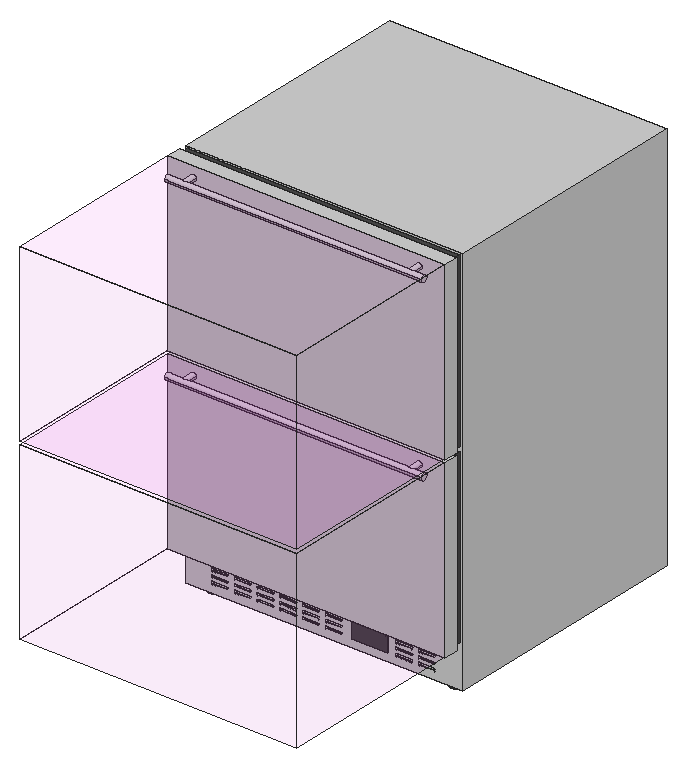
Revit family "Qf_Summit_SCFF532D_24 inches Wide 2-Drawer All-Freezer", category Specialty Equipment, Revit 2020
Family settings
  Round Connector Dimension = Use Diameter
  Part Type = Normal
  Work Plane-Based = No
  Always vertical = Yes
  Cut with Voids When Loaded = No
  Shared = No
  Room Calculation Point = No
Parameters
  Weight in Pounds = 106
  Watts = 0 W
  Volts = 115 V
  URL Cutsheet = ""
  Specification by User = ""
  Specification by Manufacturer = ""
  Show Clearance [instance] = yes
  Serial Number = ""
  Seismic Rating = ""
  SMACNA No = ""
  Revision Code = ""
  Phase = 1
  Number of Poles = 1
  NAFEM Spec ID Number = ""
  Model = "SCFF532D"
  Min Ckt Ampacity = 0 A
  Max Overcurrent Protection = 0 A
  Masterspec = ""
  Manufacturer = "Summit"
  Length = 23 5/8"
  Item Number = ""
  Installed By = ""
  Identify Quantity as Lot = yes
  Height = 34"
  HP = ""
  Furnished By = ""
  Foodservice Equipment Identifier = yes
  FL Amps = 0.8 A
  Electrical Remarks = ""
  Electric Connection Type = ""
  Elec Conn RI Height = 0"
  Elec Conn Connection Height = 0"
  Description = "24\" Wide 2-Drawer All-Freezer"
  Depth = 23 5/8"
  Default Elevation = 0"
  Cycle = 60 Hz
  Conn Plug = ""
  Conn Conduit = yes
  CSI MasterFormat = ""
  Apparent Power = if(Phase = 3, Volts * FL Amps * 1.73, Volts * FL Amps)  # 92 VA
Reference planes (in)
  plane 1: z = 0
  plane 2 "LEFT": x = 0
  plane 3 "RIGHT": x = 23.625
  plane 4 "FRONT": y = -24.375
  plane 5 "TOP": z = 34
  plane 6 "Center Y": x = 11.8125
  plane 7 "Center X": y = -12.5625
  plane 8 "BACK": y = -0.75
  plane 9: y = -40.125
  plane 10: y = -38.875
  plane 11: y = -22.5
  plane 12: y = -25.75
  plane 13: y = -25.25
  plane 14: y = -25.75
  plane 15: y = -25.25
  plane 16: y = -25.75
  plane 17: x = 20.625
  plane 18: z = 0.75
  plane 19: z = 4
Forms (in)
  Extrusion 1, solid, material "QF_Metal - Stainless - Polished"
    sketch origin (22.25, -2.96287, 36.42187) x (0, 1, 0) y (-1, 0, 0)
      loop
        line (2.21287, 22.25) -> (-19.53713, 22.25) -> (-19.53713, -1.375) -> (2.21287, -1.375) -> (2.21287, 22.25)
    from -35.79687 to -2.42187
  Extrusion 2, solid, material "QF_Plastic - Black - Matte"
    sketch origin (22.25, -2.96287, 36.42187) x (0, 1, 0) y (-1, 0, 0)
      loop
        line (-19.53713, 22) -> (-20.13573, 22) -> (-20.13573, -1.125) -> (-19.53713, -1.125) -> (-19.53713, 22)
    from -17.19827 to -2.54949
  Extrusion 3, solid, material "QF_Clearances_Door_Drawer"
    sketch origin (22.3755, -2.96287, 34) x (0, 1, 0) y (-1, 0, 0)
      loop
        line (-21.41213, -1.2495) -> (-21.41213, 22.3755) -> (-37.16213, 22.3755) -> (-37.16213, -1.2495) -> (-21.41213, -1.2495)
    from 0 to -14.875
  Extrusion 4, void
    sketch origin (71.79246, -24.25, 19.21875) x (-1, 0, 0) y (0, 0, -1)
      loop
        line (69.41746, 15.90625) -> (68.16746, 15.90625)
        arc (68.16746, 15.90625) -> (68.04246, 15.78125) -> (68.16746, 15.65625) r 0.125
        line (68.16746, 15.65625) -> (69.41746, 15.65625)
        arc (69.41746, 15.65625) -> (69.54246, 15.78125) -> (69.41746, 15.90625) r 0.125
      loop
        line (69.41746, 16.40625) -> (68.16746, 16.40625)
        arc (68.16746, 16.40625) -> (68.04246, 16.28125) -> (68.16746, 16.15625) r 0.125
        line (68.16746, 16.15625) -> (69.41746, 16.15625)
        arc (69.41746, 16.15625) -> (69.54246, 16.28125) -> (69.41746, 16.40625) r 0.125
      loop
        line (69.41746, 16.90625) -> (68.16746, 16.90625)
        arc (68.16746, 16.90625) -> (68.04246, 16.78125) -> (68.16746, 16.65625) r 0.125
        line (68.16746, 16.65625) -> (69.41746, 16.65625)
        arc (69.41746, 16.65625) -> (69.54246, 16.78125) -> (69.41746, 16.90625) r 0.125
      loop
        line (69.41746, 17.40625) -> (68.16746, 17.40625)
        arc (68.16746, 17.40625) -> (68.04246, 17.28125) -> (68.16746, 17.15625) r 0.125
        line (68.16746, 17.15625) -> (69.41746, 17.15625)
        arc (69.41746, 17.15625) -> (69.54246, 17.28125) -> (69.41746, 17.40625) r 0.125
      loop
        line (69.41746, 17.90625) -> (68.16746, 17.90625)
        arc (68.16746, 17.90625) -> (68.04246, 17.78125) -> (68.16746, 17.65625) r 0.125
        line (68.16746, 17.65625) -> (69.41746, 17.65625)
        arc (69.41746, 17.65625) -> (69.54246, 17.78125) -> (69.41746, 17.90625) r 0.125
      loop
        line (67.47996, 15.90625) -> (66.22996, 15.90625)
        arc (66.22996, 15.90625) -> (66.10496, 15.78125) -> (66.22996, 15.65625) r 0.125
        line (66.22996, 15.65625) -> (67.47996, 15.65625)
        arc (67.47996, 15.65625) -> (67.60496, 15.78125) -> (67.47996, 15.90625) r 0.125
      loop
        line (67.47996, 16.40625) -> (66.22996, 16.40625)
        arc (66.22996, 16.40625) -> (66.10496, 16.28125) -> (66.22996, 16.15625) r 0.125
        line (66.22996, 16.15625) -> (67.47996, 16.15625)
        arc (67.47996, 16.15625) -> (67.60496, 16.28125) -> (67.47996, 16.40625) r 0.125
      loop
        line (67.47996, 16.90625) -> (66.22996, 16.90625)
        arc (66.22996, 16.90625) -> (66.10496, 16.78125) -> (66.22996, 16.65625) r 0.125
        line (66.22996, 16.65625) -> (67.47996, 16.65625)
        arc (67.47996, 16.65625) -> (67.60496, 16.78125) -> (67.47996, 16.90625) r 0.125
      loop
        line (67.47996, 17.40625) -> (66.22996, 17.40625)
        arc (66.22996, 17.40625) -> (66.10496, 17.28125) -> (66.22996, 17.15625) r 0.125
        line (66.22996, 17.15625) -> (67.47996, 17.15625)
        arc (67.47996, 17.15625) -> (67.60496, 17.28125) -> (67.47996, 17.40625) r 0.125
      loop
        line (67.47996, 17.90625) -> (66.22996, 17.90625)
        arc (66.22996, 17.90625) -> (66.10496, 17.78125) -> (66.22996, 17.65625) r 0.125
        line (66.22996, 17.65625) -> (67.47996, 17.65625)
        arc (67.47996, 17.65625) -> (67.60496, 17.78125) -> (67.47996, 17.90625) r 0.125
      loop
        line (65.54246, 15.90625) -> (64.29246, 15.90625)
        arc (64.29246, 15.90625) -> (64.16746, 15.78125) -> (64.29246, 15.65625) r 0.125
        line (64.29246, 15.65625) -> (65.54246, 15.65625)
        arc (65.54246, 15.65625) -> (65.66746, 15.78125) -> (65.54246, 15.90625) r 0.125
      loop
        line (65.54246, 16.40625) -> (64.29246, 16.40625)
        arc (64.29246, 16.40625) -> (64.16746, 16.28125) -> (64.29246, 16.15625) r 0.125
        line (64.29246, 16.15625) -> (65.54246, 16.15625)
        arc (65.54246, 16.15625) -> (65.66746, 16.28125) -> (65.54246, 16.40625) r 0.125
      loop
        line (65.54246, 16.90625) -> (64.29246, 16.90625)
        arc (64.29246, 16.90625) -> (64.16746, 16.78125) -> (64.29246, 16.65625) r 0.125
        line (64.29246, 16.65625) -> (65.54246, 16.65625)
        arc (65.54246, 16.65625) -> (65.66746, 16.78125) -> (65.54246, 16.90625) r 0.125
      loop
        line (65.54246, 17.40625) -> (64.29246, 17.40625)
        arc (64.29246, 17.40625) -> (64.16746, 17.28125) -> (64.29246, 17.15625) r 0.125
        line (64.29246, 17.15625) -> (65.54246, 17.15625)
        arc (65.54246, 17.15625) -> (65.66746, 17.28125) -> (65.54246, 17.40625) r 0.125
      loop
        line (65.54246, 17.90625) -> (64.29246, 17.90625)
        arc (64.29246, 17.90625) -> (64.16746, 17.78125) -> (64.29246, 17.65625) r 0.125
        line (64.29246, 17.65625) -> (65.54246, 17.65625)
        arc (65.54246, 17.65625) -> (65.66746, 17.78125) -> (65.54246, 17.90625) r 0.125
      loop
        line (63.60496, 15.90625) -> (62.35496, 15.90625)
        arc (62.35496, 15.90625) -> (62.22996, 15.78125) -> (62.35496, 15.65625) r 0.125
        line (62.35496, 15.65625) -> (63.60496, 15.65625)
        arc (63.60496, 15.65625) -> (63.72996, 15.78125) -> (63.60496, 15.90625) r 0.125
      loop
        line (63.60496, 16.40625) -> (62.35496, 16.40625)
        arc (62.35496, 16.40625) -> (62.22996, 16.28125) -> (62.35496, 16.15625) r 0.125
        line (62.35496, 16.15625) -> (63.60496, 16.15625)
        arc (63.60496, 16.15625) -> (63.72996, 16.28125) -> (63.60496, 16.40625) r 0.125
      loop
        line (63.60496, 16.90625) -> (62.35496, 16.90625)
        arc (62.35496, 16.90625) -> (62.22996, 16.78125) -> (62.35496, 16.65625) r 0.125
        line (62.35496, 16.65625) -> (63.60496, 16.65625)
        arc (63.60496, 16.65625) -> (63.72996, 16.78125) -> (63.60496, 16.90625) r 0.125
      loop
        line (63.60496, 17.40625) -> (62.35496, 17.40625)
        arc (62.35496, 17.40625) -> (62.22996, 17.28125) -> (62.35496, 17.15625) r 0.125
        line (62.35496, 17.15625) -> (63.60496, 17.15625)
        arc (63.60496, 17.15625) -> (63.72996, 17.28125) -> (63.60496, 17.40625) r 0.125
      loop
        line (63.60496, 17.90625) -> (62.35496, 17.90625)
        arc (62.35496, 17.90625) -> (62.22996, 17.78125) -> (62.35496, 17.65625) r 0.125
        line (62.35496, 17.65625) -> (63.60496, 17.65625)
        arc (63.60496, 17.65625) -> (63.72996, 17.78125) -> (63.60496, 17.90625) r 0.125
      loop
        line (61.66746, 15.90625) -> (60.41746, 15.90625)
        arc (60.41746, 15.90625) -> (60.29246, 15.78125) -> (60.41746, 15.65625) r 0.125
        line (60.41746, 15.65625) -> (61.66746, 15.65625)
        arc (61.66746, 15.65625) -> (61.79246, 15.78125) -> (61.66746, 15.90625) r 0.125
      loop
        line (61.66746, 16.40625) -> (60.41746, 16.40625)
        arc (60.41746, 16.40625) -> (60.29246, 16.28125) -> (60.41746, 16.15625) r 0.125
        line (60.41746, 16.15625) -> (61.66746, 16.15625)
        arc (61.66746, 16.15625) -> (61.79246, 16.28125) -> (61.66746, 16.40625) r 0.125
      loop
        line (61.66746, 16.90625) -> (60.41746, 16.90625)
        arc (60.41746, 16.90625) -> (60.29246, 16.78125) -> (60.41746, 16.65625) r 0.125
        line (60.41746, 16.65625) -> (61.66746, 16.65625)
        arc (61.66746, 16.65625) -> (61.79246, 16.78125) -> (61.66746, 16.90625) r 0.125
      loop
        line (61.66746, 17.40625) -> (60.41746, 17.40625)
        arc (60.41746, 17.40625) -> (60.29246, 17.28125) -> (60.41746, 17.15625) r 0.125
        line (60.41746, 17.15625) -> (61.66746, 17.15625)
        arc (61.66746, 17.15625) -> (61.79246, 17.28125) -> (61.66746, 17.40625) r 0.125
      loop
        line (61.66746, 17.90625) -> (60.41746, 17.90625)
        arc (60.41746, 17.90625) -> (60.29246, 17.78125) -> (60.41746, 17.65625) r 0.125
        line (60.41746, 17.65625) -> (61.66746, 17.65625)
        arc (61.66746, 17.65625) -> (61.79246, 17.78125) -> (61.66746, 17.90625) r 0.125
      loop
        line (59.72996, 15.90625) -> (58.47996, 15.90625)
        arc (58.47996, 15.90625) -> (58.35496, 15.78125) -> (58.47996, 15.65625) r 0.125
        line (58.47996, 15.65625) -> (59.72996, 15.65625)
        arc (59.72996, 15.65625) -> (59.85496, 15.78125) -> (59.72996, 15.90625) r 0.125
      loop
        line (59.72996, 16.40625) -> (58.47996, 16.40625)
        arc (58.47996, 16.40625) -> (58.35496, 16.28125) -> (58.47996, 16.15625) r 0.125
        line (58.47996, 16.15625) -> (59.72996, 16.15625)
        arc (59.72996, 16.15625) -> (59.85496, 16.28125) -> (59.72996, 16.40625) r 0.125
      loop
        line (59.72996, 16.90625) -> (58.47996, 16.90625)
        arc (58.47996, 16.90625) -> (58.35496, 16.78125) -> (58.47996, 16.65625) r 0.125
        line (58.47996, 16.65625) -> (59.72996, 16.65625)
        arc (59.72996, 16.65625) -> (59.85496, 16.78125) -> (59.72996, 16.90625) r 0.125
      loop
        line (59.72996, 17.40625) -> (58.47996, 17.40625)
        arc (58.47996, 17.40625) -> (58.35496, 17.28125) -> (58.47996, 17.15625) r 0.125
        line (58.47996, 17.15625) -> (59.72996, 17.15625)
        arc (59.72996, 17.15625) -> (59.85496, 17.28125) -> (59.72996, 17.40625) r 0.125
      loop
        line (59.72996, 17.90625) -> (58.47996, 17.90625)
        arc (58.47996, 17.90625) -> (58.35496, 17.78125) -> (58.47996, 17.65625) r 0.125
        line (58.47996, 17.65625) -> (59.72996, 17.65625)
        arc (59.72996, 17.65625) -> (59.85496, 17.78125) -> (59.72996, 17.90625) r 0.125
      loop
        line (53.72996, 15.90625) -> (52.47996, 15.90625)
        arc (52.47996, 15.90625) -> (52.35496, 15.78125) -> (52.47996, 15.65625) r 0.125
        line (52.47996, 15.65625) -> (53.72996, 15.65625)
        arc (53.72996, 15.65625) -> (53.85496, 15.78125) -> (53.72996, 15.90625) r 0.125
      loop
        line (53.72996, 16.40625) -> (52.47996, 16.40625)
        arc (52.47996, 16.40625) -> (52.35496, 16.28125) -> (52.47996, 16.15625) r 0.125
        line (52.47996, 16.15625) -> (53.72996, 16.15625)
        arc (53.72996, 16.15625) -> (53.85496, 16.28125) -> (53.72996, 16.40625) r 0.125
      loop
        line (53.72996, 16.90625) -> (52.47996, 16.90625)
        arc (52.47996, 16.90625) -> (52.35496, 16.78125) -> (52.47996, 16.65625) r 0.125
        line (52.47996, 16.65625) -> (53.72996, 16.65625)
        arc (53.72996, 16.65625) -> (53.85496, 16.78125) -> (53.72996, 16.90625) r 0.125
      loop
        line (53.72996, 17.40625) -> (52.47996, 17.40625)
        arc (52.47996, 17.40625) -> (52.35496, 17.28125) -> (52.47996, 17.15625) r 0.125
        line (52.47996, 17.15625) -> (53.72996, 17.15625)
        arc (53.72996, 17.15625) -> (53.85496, 17.28125) -> (53.72996, 17.40625) r 0.125
      loop
        line (53.72996, 17.90625) -> (52.47996, 17.90625)
        arc (52.47996, 17.90625) -> (52.35496, 17.78125) -> (52.47996, 17.65625) r 0.125
        line (52.47996, 17.65625) -> (53.72996, 17.65625)
        arc (53.72996, 17.65625) -> (53.85496, 17.78125) -> (53.72996, 17.90625) r 0.125
      loop
        line (51.79246, 15.90625) -> (50.54246, 15.90625)
        arc (50.54246, 15.90625) -> (50.41746, 15.78125) -> (50.54246, 15.65625) r 0.125
        line (50.54246, 15.65625) -> (51.79246, 15.65625)
        arc (51.79246, 15.65625) -> (51.91746, 15.78125) -> (51.79246, 15.90625) r 0.125
      loop
        line (51.79246, 16.40625) -> (50.54246, 16.40625)
        arc (50.54246, 16.40625) -> (50.41746, 16.28125) -> (50.54246, 16.15625) r 0.125
        line (50.54246, 16.15625) -> (51.79246, 16.15625)
        arc (51.79246, 16.15625) -> (51.91746, 16.28125) -> (51.79246, 16.40625) r 0.125
      loop
        line (51.79246, 16.90625) -> (50.54246, 16.90625)
        arc (50.54246, 16.90625) -> (50.41746, 16.78125) -> (50.54246, 16.65625) r 0.125
        line (50.54246, 16.65625) -> (51.79246, 16.65625)
        arc (51.79246, 16.65625) -> (51.91746, 16.78125) -> (51.79246, 16.90625) r 0.125
      loop
        line (51.79246, 17.40625) -> (50.54246, 17.40625)
        arc (50.54246, 17.40625) -> (50.41746, 17.28125) -> (50.54246, 17.15625) r 0.125
        line (50.54246, 17.15625) -> (51.79246, 17.15625)
        arc (51.79246, 17.15625) -> (51.91746, 17.28125) -> (51.79246, 17.40625) r 0.125
      loop
        line (51.79246, 17.90625) -> (50.54246, 17.90625)
        arc (50.54246, 17.90625) -> (50.41746, 17.78125) -> (50.54246, 17.65625) r 0.125
        line (50.54246, 17.65625) -> (51.79246, 17.65625)
        arc (51.79246, 17.65625) -> (51.91746, 17.78125) -> (51.79246, 17.90625) r 0.125
    from -1.883 to -1.75
  Extrusion 5, solid, material "QF_Metal - Stainless - Polished"
    sketch origin (-3.14693, -0.75, 36.40612) x (1, 0, 0) y (0, 0, -1)
      loop
        circle (23.76688, 33.98256) r 0.25
    from 0 to 1
  Extrusion 6, solid, material "QF_Plastic_Epoxy_Black"
    sketch origin (23.6875, -22.5, 36.29687) x (-1, 0, 0) y (0, 0, -1)
      loop
        line (9.46875, 33.67187) -> (9.46875, 34.98437) -> (6.4375, 34.98437) -> (6.4375, 33.67187) -> (9.46875, 33.67187)
    from 0 to 0.03125
  Revolve 7, solid, material "QF_Plastic - Black - Matte"
    sketch origin (71.66746, -21, 19.5) x (-1, 0, 0) y (0, 0, -1)
      loop
        line (70.16746, 17.75) -> (70.16746, 19.5) -> (69.48013, 19.5)
        arc (69.48013, 19.5) -> (69.43582, 19.48165) -> (69.41746, 19.43733) r 0.06267
        line (69.41746, 19.43733) -> (69.41746, 19.12375)
        arc (69.41746, 19.12375) -> (69.4354, 19.08044) -> (69.47871, 19.0625) r 0.06125
        line (69.47871, 19.0625) -> (69.82371, 19.0625)
        arc (69.82371, 19.0625) -> (69.80162, 19.05335) -> (69.79246, 19.03125) r 0.03125
        line (69.79246, 19.03125) -> (69.79246, 18.96875)
        arc (69.79246, 18.96875) -> (69.80162, 18.94665) -> (69.82371, 18.9375) r 0.03125
        line (69.82371, 18.9375) -> (69.97996, 18.9375) -> (69.97996, 17.75) -> (70.16746, 17.75)
      axis (70.16746, 19.5) -> (70.16746, 17.75)
    angle from 0 to 360
  Revolve 8, solid, material "QF_Plastic - Black - Matte"
    sketch origin (71.66746, -2, 19.5) x (-1, 0, 0) y (0, 0, -1)
      loop
        line (70.16746, 17.75) -> (70.16746, 19.5) -> (69.47996, 19.5)
        arc (69.47996, 19.5) -> (69.43577, 19.48169) -> (69.41746, 19.4375) r 0.0625
        line (69.41746, 19.4375) -> (69.41746, 19.125)
        arc (69.41746, 19.125) -> (69.43577, 19.08081) -> (69.47996, 19.0625) r 0.0625
        line (69.47996, 19.0625) -> (69.82371, 19.0625)
        arc (69.82371, 19.0625) -> (69.80162, 19.05335) -> (69.79246, 19.03125) r 0.03125
        line (69.79246, 19.03125) -> (69.79246, 18.96875)
        arc (69.79246, 18.96875) -> (69.80162, 18.94665) -> (69.82371, 18.9375) r 0.03125
        line (69.82371, 18.9375) -> (69.97996, 18.9375) -> (69.97996, 17.75) -> (70.16746, 17.75)
      axis (70.16746, 19.5) -> (70.16746, 17.75)
    angle from 0 to 360
  Extrusion 9, solid, material "QF_Metal - Stainless - Polished"
    sketch origin (22.25, 0.03713, 36.42187) x (0, 1, 0) y (-1, 0, 0)
      loop
        line (-23.13573, 22.25) -> (-24.41213, 22.25) -> (-24.41213, -1.375) -> (-23.13573, -1.375) -> (-23.13573, 22.25)
    from -17.29687 to -2.42187
  Sweep 10, solid, material "QF_Metal - Stainless - Polished"
    path origin (22.25, -2.98927, 33.125) x (0, 1, 0) y (-1, 0, 0)
      loop
        line (-22.51073, 21.375) -> (-22.51073, -0.5)
    profile origin (11.8125, -25.5, 33.125) x (0, 1, 0) y (0, 0, 1)
      loop
        circle (0, 0) r 0.25
  Extrusion 11, solid, material "QF_Metal - Stainless - Polished"
    sketch origin (23.6875, -25.51715, 37.54687) x (1, 0, 0) y (0, 0, -1)
      loop
        circle (-2.25, 4.42187) r 0.2347
    from 0 to 1.14215
  Extrusion 12, solid, material "QF_Metal - Stainless - Polished"
    sketch origin (-0.0625, -25.51715, 37.54687) x (-1, 0, 0) y (0, 0, 1)
      loop
        circle (-2.25, -4.42187) r 0.2347
    from 0 to 1.14215
  Sweep 13, solid, material "QF_Metal - Stainless - Polished"
    path origin (22.25, -2.98927, 18) x (0, 1, 0) y (-1, 0, 0)
      loop
        line (-22.51073, 21.375) -> (-22.51073, -0.5)
    profile origin (11.8125, -25.5, 18) x (0, 1, 0) y (0, 0, 1)
      loop
        circle (0, 0) r 0.25
  Extrusion 14, solid, material "QF_Metal - Stainless - Polished"
    sketch origin (23.6875, -25.51715, 22.42187) x (1, 0, 0) y (0, 0, -1)
      loop
        circle (-2.25, 4.42187) r 0.2347
    from 0 to 1.14215
  Extrusion 15, solid, material "QF_Metal - Stainless - Polished"
    sketch origin (-0.0625, -25.51715, 22.42187) x (-1, 0, 0) y (0, 0, 1)
      loop
        circle (-2.25, -4.42187) r 0.2347
    from 0 to 1.14215
  Extrusion 16, solid, material "QF_Clearances_Door_Drawer"
    sketch origin (22.3755, -2.96287, 18.875) x (0, 1, 0) y (-1, 0, 0)
      loop
        line (-21.41213, -1.2495) -> (-21.41213, 22.3755) -> (-37.16213, 22.3755) -> (-37.16213, -1.2495) -> (-21.41213, -1.2495)
    from 0 to -14.875
  Revolve 17, solid, material "QF_Plastic - Black - Matte"
    sketch origin (-48.04246, -21, 19.5) x (1, 0, 0) y (0, 0, 1)
      loop
        line (70.16746, -17.75) -> (69.97996, -17.75) -> (69.97996, -18.9375) -> (69.82371, -18.9375)
        arc (69.82371, -18.9375) -> (69.80162, -18.94665) -> (69.79246, -18.96875) r 0.03125
        line (69.79246, -18.96875) -> (69.79246, -19.03125)
        arc (69.79246, -19.03125) -> (69.80162, -19.05335) -> (69.82371, -19.0625) r 0.03125
        line (69.82371, -19.0625) -> (69.47871, -19.0625)
        arc (69.47871, -19.0625) -> (69.4354, -19.08044) -> (69.41746, -19.12375) r 0.06125
        line (69.41746, -19.12375) -> (69.41746, -19.43733)
        arc (69.41746, -19.43733) -> (69.43582, -19.48165) -> (69.48013, -19.5) r 0.06267
        line (69.48013, -19.5) -> (70.16746, -19.5) -> (70.16746, -17.75)
      axis (70.16746, -19.5) -> (70.16746, -17.75)
    angle from 0 to 360
  Revolve 18, solid, material "QF_Plastic - Black - Matte"
    sketch origin (-48.04246, -2, 19.5) x (1, 0, 0) y (0, 0, 1)
      loop
        line (70.16746, -17.75) -> (69.97996, -17.75) -> (69.97996, -18.9375) -> (69.82371, -18.9375)
        arc (69.82371, -18.9375) -> (69.80162, -18.94665) -> (69.79246, -18.96875) r 0.03125
        line (69.79246, -18.96875) -> (69.79246, -19.03125)
        arc (69.79246, -19.03125) -> (69.80162, -19.05335) -> (69.82371, -19.0625) r 0.03125
        line (69.82371, -19.0625) -> (69.47996, -19.0625)
        arc (69.47996, -19.0625) -> (69.43577, -19.08081) -> (69.41746, -19.125) r 0.0625
        line (69.41746, -19.125) -> (69.41746, -19.4375)
        arc (69.41746, -19.4375) -> (69.43577, -19.48169) -> (69.47996, -19.5) r 0.0625
        line (69.47996, -19.5) -> (70.16746, -19.5) -> (70.16746, -17.75)
      axis (70.16746, -19.5) -> (70.16746, -17.75)
    angle from 0 to 360
  Extrusion 19, solid, material "QF_Metal - Stainless - Polished"
    sketch origin (22.25, 0.03713, 1.82813) x (-1, 0, 0) y (0, -1, 0)
      loop
        line (22.25, 23.13573) -> (22.25, 24.41213) -> (-1.375, 24.41213) -> (-1.375, 23.13573) -> (22.25, 23.13573)
    from 2.17187 to 17.04687
  Extrusion 20, solid, material "QF_Plastic - Black - Matte"
    sketch origin (22.25, -2.96287, 21.07813) x (-1, 0, 0) y (0, -1, 0)
      loop
        line (22, 19.53713) -> (22, 20.13573) -> (-1.125, 20.13573) -> (-1.125, 19.53713) -> (22, 19.53713)
    from -16.84157 to -2.27871
Cuts and joins
  Extrusion 4 cuts Extrusion 1
  joined: Extrusion 9, Sweep 10, Extrusion 11, Extrusion 12, Sweep 13, Extrusion 14, Extrusion 15
Lines and regions (in)
  symbolic lines, style "QF_Clearances_Door_Drawer"
    curve 1: line (0, -24.375, 32) -> (0, -40.125, 32)
    curve 2: line (0, -40.125, 32) -> (23.625, -40.125, 32)
    curve 3: line (23.625, -40.125, 32) -> (23.625, -24.375, 32)
  symbolic lines
    curve 4: line (0.875, -25.25, 32) -> (22.75, -25.25, 32)
    curve 5: line (0.875, -25.75, 32) -> (0.875, -25.25, 32)
    curve 6: line (22.75, -25.75, 32) -> (0.875, -25.75, 32)
    curve 7: line (22.75, -25.25, 32) -> (22.75, -25.75, 32)
    curve 8: line (21.2028, -24.375, 32) -> (21.6722, -24.375, 32)
    curve 9: line (21.2028, -25.25, 32) -> (21.2028, -24.375, 32)
    curve 10: line (21.6722, -25.25, 32) -> (21.2028, -25.25, 32)
    curve 11: line (21.6722, -24.375, 32) -> (21.6722, -25.25, 32)
    curve 12: line (1.9528, -24.375, 32) -> (2.4222, -24.375, 32)
    curve 13: line (1.9528, -25.25, 32) -> (1.9528, -24.375, 32)
    curve 14: line (2.4222, -25.25, 32) -> (1.9528, -25.25, 32)
    curve 15: line (2.4222, -24.375, 32) -> (2.4222, -25.25, 32)
    curve 16: line (0, -23.0986, 32) -> (23.625, -23.0986, 32)
    curve 17: line (0, -24.375, 32) -> (0, -23.0986, 32)
    curve 18: line (23.625, -24.375, 32) -> (0, -24.375, 32)
    curve 19: line (23.625, -23.0986, 32) -> (23.625, -24.375, 32)
    curve 20: line (0, -22.5, 32) -> (23.625, -22.5, 32)
    curve 21: line (0, -0.75, 32) -> (0, -22.5, 32)
    curve 22: line (23.625, -0.75, 32) -> (0, -0.75, 32)
    curve 23: line (23.625, -22.5, 32) -> (23.625, -0.75, 32)
    curve 24: line (0.25, -23.0986, 32) -> (0.25, -22.5, 32)
    curve 25: line (23.375, -23.0986, 32) -> (23.375, -22.5, 32)
Dimensions and locks (in)
  equal spacing: plane 2 "LEFT", plane 6 "Center Y", plane 3 "RIGHT"
  "Length": plane 2 "LEFT" to plane 3 "RIGHT"
  equal spacing: plane 4 "FRONT", plane 7 "Center X", plane 8 "BACK"
  "Height": plane 5 "TOP" to level
  plane 3 "RIGHT" to plane 2 "LEFT" = 23 5/8"
  plane 5 "TOP" to level = 34"  (x2)
  "Depth": plane 4 "FRONT" to plane 8 "BACK"
  plane 9 to plane 8 "BACK" = 39 3/8"
  plane 11 to plane 8 "BACK" = 21 3/4"
  plane 10 to plane 11 = 16 3/8"
  plane 4 "FRONT" to plane 8 "BACK" = 23 5/8"
  plane 4 "FRONT" to plane 12 = 1 3/8"
  plane 17 to plane 3 "RIGHT" = 3"
  Extrusion 16 to plane 19 to plane 18 = 14 7/8", 3 1/4"
  plane 5 "TOP" to Extrusion 3 = 14 7/8"
  aligned and locked: level to plane 1
  aligned and locked: Extrusion 1 to Extrusion 4
  aligned and locked: Extrusion 12 to plane 4 "FRONT"
  aligned and locked: Extrusion 14 to plane 4 "FRONT"
  aligned and locked: Extrusion 15 to plane 4 "FRONT"
  aligned and locked: Extrusion 19 to Extrusion 16
  aligned and locked: Extrusion 16 to Extrusion 19
Automatic sketch dimensions
  curve 1 to plane 2 "LEFT" = 0"
  plane 9 to curve 1 = 0"
  curve 7 to plane 12 = 0"
  plane 4 "FRONT" to curve 9 = 0"
  plane 4 "FRONT" to curve 12 = 0"
  curve 3 to plane 3 "RIGHT" = 0"
  plane 4 "FRONT" to curve 3 = 0"
  curve 21 to plane 2 "LEFT" = 0"
  plane 11 to curve 21 = 0"
  plane 8 "BACK" to curve 22 = 0"
  curve 23 to plane 3 "RIGHT" = 0"
  plane 12 to curve 5 = 1/2"
  plane 12 to curve 14 = 1/2"
  plane 12 to curve 9 = 1/2"
  plane 11 to curve 17 = 0.5986"
  plane 3 "RIGHT" to curve 7 = 7/8"
  curve 10 to plane 17 = 1.0472"
  curve 8 to curve 8 = 0.4694"
  plane 2 "LEFT" to curve 14 = 2.4222"
  curve 14 to curve 13 = 0.4694"
  plane 2 "LEFT" to curve 4 = 7/8"
  plane 3 "RIGHT" to curve 25 = 1/4"
  curve 24 to curve 16 = 1/4"
  Extrusion 1 sketch curve to plane 2 "LEFT" = 0"
  plane 11 to Extrusion 1 sketch curve = 0"
  plane 8 "BACK" to Extrusion 1 sketch curve = 0"
  Extrusion 1 sketch curve to plane 3 "RIGHT" = 0"
  plane 11 to Extrusion 2 sketch curve = 0"
  plane 3 "RIGHT" to Extrusion 2 sketch curve = 1/4"
  plane 11 to Extrusion 2 sketch curve = 0.5986"
  plane 2 "LEFT" to Extrusion 2 sketch curve = 1/4"
  Extrusion 3 sketch curve to Extrusion 1 = 0"  (x2)
  Extrusion 1 to Extrusion 3 sketch curve = 17 5/8"
  Extrusion 1 to Extrusion 3 sketch curve = 1 7/8"
  Extrusion 4 sketch curve to plane 17 = 5/8"  (x2)
  Extrusion 4 sketch curve to Extrusion 4 sketch curve = 0"  (x52)
  plane 17 to Extrusion 4 sketch curve = 5/8"
  Extrusion 4 sketch curve to Extrusion 4 sketch curve = 11/16"  (x12)
  Extrusion 4 sketch curve to Extrusion 4 sketch curve = 1 1/4"  (x6)
  plane 18 to Extrusion 4 sketch curve = 9/16"  (x3)
  plane 6 "Center Y" to Extrusion 4 sketch curve = 1 1/2"  (x2)
  plane 6 "Center Y" to Extrusion 4 sketch curve = 1/4"  (x3)
  Extrusion 4 sketch curve to plane 6 "Center Y" = 7/16"  (x2)
  Extrusion 4 sketch curve to Extrusion 4 sketch curve = 1/8"  (x40)
  plane 18 to Extrusion 4 sketch curve = 11/16"  (x5)
  Extrusion 4 sketch curve to Extrusion 4 sketch curve = 1/4"  (x32)
  Extrusion 5 sketch curve to Extrusion 1 = 3.00504"
  Extrusion 1 to Extrusion 5 sketch curve = 1.79856"
  Extrusion 1 to Extrusion 6 sketch curve = 2"
  Extrusion 6 sketch curve to Extrusion 1 = 6 3/8"
  Extrusion 1 to Extrusion 6 sketch curve = 11/16"
  Extrusion 6 sketch curve to Extrusion 6 sketch curve = 3 1/32"
  Revolve 7 sketch curve to level = 0"
  Revolve 7 sketch curve to plane 18 = 0.37375"
  plane 2 "LEFT" to Revolve 7 sketch curve = 2 1/4"
  Revolve 7 sketch curve to Revolve 7 sketch curve = 0.06125"
  level to Revolve 7 sketch curve = 0.06267"
  Revolve 7 sketch curve to Revolve 7 sketch curve = 0.31375"
  Revolve 7 sketch curve to Revolve 7 sketch curve = 1/32"  (x3)
  Revolve 7 sketch curve to Revolve 7 sketch curve = 5/32"
  Revolve 7 sketch curve to Revolve 7 sketch curve = 11/32"
  Revolve 7 sketch curve to Revolve 7 sketch curve = 1/16"
  plane 18 to Revolve 7 sketch curve = 1"
  Revolve 7 sketch curve to Revolve 7 sketch curve = 0"
  Revolve 7 sketch curve to Revolve 7 sketch curve = 3/16"
  Revolve 7 sketch curve to plane 18 = 1/8"
  plane 18 to Revolve 7 sketch curve = 1/8"
  Revolve 8 sketch curve to level = 0"
  level to Revolve 8 sketch curve = 3/8"
  plane 2 "LEFT" to Revolve 8 sketch curve = 2 1/4"
  Revolve 8 sketch curve to Revolve 8 sketch curve = 1/16"  (x3)
  Revolve 8 sketch curve to Revolve 8 sketch curve = 5/16"
  Revolve 8 sketch curve to Revolve 8 sketch curve = 1/32"  (x3)
  Revolve 8 sketch curve to Revolve 8 sketch curve = 5/32"
  Revolve 8 sketch curve to Revolve 8 sketch curve = 3/16"  (x2)
  plane 18 to Revolve 8 sketch curve = 1"
  Revolve 8 sketch curve to Revolve 8 sketch curve = 0"
  Revolve 8 sketch curve to plane 18 = 1/8"
  plane 18 to Revolve 8 sketch curve = 1/8"
  Extrusion 9 sketch curve to plane 2 "LEFT" = 0"
  plane 4 "FRONT" to Extrusion 9 sketch curve = 0"
  Extrusion 9 sketch curve to plane 3 "RIGHT" = 0"
  plane 11 to Extrusion 9 sketch curve = 0.5986"
  plane 12 to Sweep 10 sketch curve = 1/4"
  plane 3 "RIGHT" to Sweep 10 sketch curve = 7/8"
  plane 2 "LEFT" to Sweep 10 sketch curve = 7/8"
  Sweep 10 sketch curve to profile plane = 0"  (x2)
  Extrusion 11 sketch curve to plane 17 = 13/16"
  Extrusion 11 sketch curve to plane 5 "TOP" = 7/8"
  Extrusion 12 sketch curve to plane 5 "TOP" = 7/8"
  plane 2 "LEFT" to Extrusion 12 sketch curve = 2 3/16"
  plane 12 to Sweep 13 sketch curve = 1/4"
  plane 3 "RIGHT" to Sweep 13 sketch curve = 7/8"
  plane 2 "LEFT" to Sweep 13 sketch curve = 7/8"
  Sweep 13 sketch curve to profile plane = 0"  (x2)
  Extrusion 14 sketch curve to plane 17 = 13/16"
  plane 19 to Extrusion 14 sketch curve = 14"
  plane 2 "LEFT" to Extrusion 15 sketch curve = 2 3/16"
  plane 19 to Extrusion 15 sketch curve = 14"
  Extrusion 16 sketch curve to plane 3 "RIGHT" = 0"
  plane 9 to Extrusion 16 sketch curve = 0"
  Extrusion 16 sketch curve to plane 2 "LEFT" = 0"
  plane 4 "FRONT" to Extrusion 16 sketch curve = 0"
  Revolve 17 sketch curve to level = 0"
  Revolve 17 sketch curve to plane 17 = 3/4"
  Revolve 17 sketch curve to Revolve 17 sketch curve = 0.06125"
  level to Revolve 17 sketch curve = 0.06267"
  Revolve 17 sketch curve to Revolve 17 sketch curve = 0.31375"
  Revolve 17 sketch curve to Revolve 17 sketch curve = 1/32"  (x3)
  Revolve 17 sketch curve to Revolve 17 sketch curve = 5/32"
  Revolve 17 sketch curve to Revolve 17 sketch curve = 11/32"
  Revolve 17 sketch curve to Revolve 17 sketch curve = 0.31359"
  Revolve 17 sketch curve to Revolve 17 sketch curve = 1/16"
  plane 18 to Revolve 17 sketch curve = 1"
  Revolve 17 sketch curve to Revolve 17 sketch curve = 0"
  Revolve 17 sketch curve to Revolve 17 sketch curve = 3/16"
  Revolve 17 sketch curve to plane 18 = 1/8"
  plane 18 to Revolve 17 sketch curve = 1/8"
  Revolve 18 sketch curve to level = 0"
  Revolve 18 sketch curve to plane 17 = 3/4"
  Revolve 18 sketch curve to Revolve 18 sketch curve = 1/16"  (x3)
  Revolve 18 sketch curve to Revolve 18 sketch curve = 5/16"  (x2)
  Revolve 18 sketch curve to Revolve 18 sketch curve = 1/32"  (x3)
  Revolve 18 sketch curve to Revolve 18 sketch curve = 5/32"
  Revolve 18 sketch curve to Revolve 18 sketch curve = 3/16"  (x2)
  plane 18 to Revolve 18 sketch curve = 1"
  Revolve 18 sketch curve to Revolve 18 sketch curve = 0"
  Revolve 18 sketch curve to plane 18 = 1/8"
  plane 18 to Revolve 18 sketch curve = 1/8"
  Extrusion 19 sketch curve to plane 3 "RIGHT" = 0"
  Extrusion 19 sketch curve to plane 2 "LEFT" = 0"
  plane 4 "FRONT" to Extrusion 19 sketch curve = 0"
  plane 11 to Extrusion 19 sketch curve = 0.5986"
  plane 11 to Extrusion 20 sketch curve = 0"
  plane 3 "RIGHT" to Extrusion 20 sketch curve = 1/4"
  plane 2 "LEFT" to Extrusion 20 sketch curve = 1/4"
  plane 11 to Extrusion 20 sketch curve = 0.5986"
  radius of Extrusion 5 sketch curve = 1/4"
  radius of Sweep 10 sketch curve = 1/4"
  radius of Extrusion 11 sketch curve = 0.2347"
  radius of Extrusion 12 sketch curve = 0.2347"
  radius of Sweep 13 sketch curve = 1/4"
  radius of Extrusion 14 sketch curve = 0.2347"
  radius of Extrusion 15 sketch curve = 0.2347"
Connectors (in)
  electrical at (20.61996, 0.25, 2.42356), driven by "Volts", driven by "Apparent Power"
    settings: on Extrusion 5, index 4, voltage 115 V, apparent load 92 VA, apparent load phase1 0 VA, apparent load phase2 0 VA, apparent load phase3 0 VA, power factor 1, load classification "Other", number of poles 1, system type 30, power factor state 1, is connector primary yes, connector utility no, sub classification motor no, connector description ""
